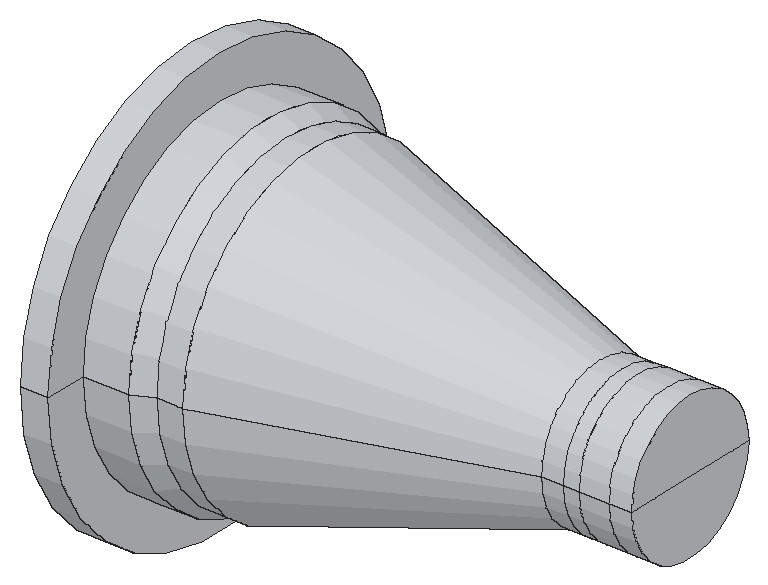
Revit family "3e7e0429f93e415f9c92ff19248af116", category Pipe Fittings, Revit 2021
Family settings
  Round Connector Dimension = Use Radius
  Part Type = Transition
  OmniClass Number = 23.60.30.11.14
  OmniClass Title = Pipework Fittings
  Work Plane-Based = No
  Always vertical = Yes
  Cut with Voids When Loaded = No
  Shared = No
Parameters (values of type "Standard")
  Visibility 2 [instance] = Nominal Diameter 2 > Nominal Diameter 1  # no
  Visibility 1 [instance] = Nominal Diameter 1 > Nominal Diameter 2  # yes
  URL = ""
  Type Comments = ""
  Tick Size 2 [instance] = if(Nominal Diameter 1 > Nominal Diameter 2, Min Tick Size 12, Max Tick Size 12)  # 2.7600"
  Tick Size 1 [instance] = if(Nominal Diameter 1 > Nominal Diameter 2, Max Tick Size 12, Min Tick Size 12)  # 6.1200"
  Min Tick Size 12 [instance] = Min Fitting Outside Diameter 12 * 0.4  # 2.7600"
  Max Tick Size 12 [instance] = Max Fitting Outside Diameter 12 * 0.4  # 6.1200"
  Socket Outside Radius 2 [instance] = Socket Outside Diameter 2 / 2  # 3.4500"
  Socket Outside Radius 1 [instance] = Socket Outside Diameter 1 / 2  # 8.0950"
  Socket Outside Diameter 2 [instance] = if(Nominal Diameter 1 > Nominal Diameter 2, Fitting Outside Diameter 2, Max Socket Outside Diameter 12)  # 6.9000"
  Socket Outside Diameter 1 [instance] = if(Nominal Diameter 1 > Nominal Diameter 2, Max Socket Outside Diameter 12, Fitting Outside Diameter 1)  # 16.1900"
  Socket Depth 2 [instance] = if(Nominal Diameter 2 < 14.0000", 2.5000", if(Nominal Diameter 2 < 30.0000", 3.5000", 4.0000"))  # 2.5000"
  Socket Depth 1 [instance] = if(Nominal Diameter 1 < 14.0000", 2.5000", if(Nominal Diameter 1 < 30.0000", 3.5000", 4.0000"))  # 3.5000"
  Min Socket Outside Diameter 12 [instance] = size_lookup(Lookup Table Name, "SOD", 1.1 * Min Nominal Diameter 12 + 0.8700", Min Nominal Diameter 12)  # 7.6000"
  Max Socket Outside Diameter 12 [instance] = size_lookup(Lookup Table Name, "SOD", 1.04 * Max Nominal Diameter 12 + 0.1300", Max Nominal Diameter 12)  # 16.1900"
  Nominal Radius 2 [instance] = 3.0000"
  Nominal Radius 1 [instance] = 7.0000"
  Nominal Diameter 2 [instance] = Nominal Radius 2 * 2  # 6.0000"
  Nominal Diameter 1 [instance] = Nominal Radius 1 * 2  # 14.0000"
  Min Nominal Diameter 12 [instance] = if(Nominal Diameter 1 > Nominal Diameter 2, Nominal Diameter 2, Nominal Diameter 1)  # 6.0000"
  Max Nominal Diameter 12 [instance] = if(Nominal Diameter 1 > Nominal Diameter 2, Nominal Diameter 1, Nominal Diameter 2)  # 14.0000"
  Manufacturer = ""
  Loss Method = K Coefficient from Table
  Lookup Table Name = "Reducer - MJ x PE - GI - Class 150"
  Length [instance] = size_lookup(Lookup Table Name, "Lgt", 2 * Max Nominal Diameter 12 + Socket Depth 1 - Socket Depth 2, Max Nominal Diameter 12, Min Nominal Diameter 12)  # 23.4900"
  K Coefficient Table = "Reducer/Coupling/Union/Increaser"
  Fitting Outside Radius 2 [instance] = Fitting Outside Diameter 2 / 2  # 3.4500"
  Fitting Outside Radius 1 [instance] = Fitting Outside Diameter 1 / 2  # 7.6500"
  Min Fitting Outside Diameter 12 [instance] = size_lookup(Lookup Table Name, "FOD", 1.04 * Min Nominal Diameter 12 + 0.7000", Min Nominal Diameter 12)  # 6.9000"
  Max Fitting Outside Diameter 12 [instance] = size_lookup(Lookup Table Name, "FOD", 1.04 * Max Nominal Diameter 12 + 0.7000", Max Nominal Diameter 12)  # 15.3000"
  built-in parameter 1114238 [instance] = (empty or 0)
  Fitting Outside Diameter 2 [instance] = if(Nominal Diameter 1 > Nominal Diameter 2, Min Fitting Outside Diameter 12, Max Fitting Outside Diameter 12)  # 6.9000"
  Fitting Outside Diameter 1 [instance] = if(Nominal Diameter 1 > Nominal Diameter 2, Max Fitting Outside Diameter 12, Min Fitting Outside Diameter 12)  # 15.3000"
  Description = ""
  Default Elevation = 0.0000"
  Bevel Length 2 [instance] = size_lookup(Lookup Table Name, "BvLgt", 0.04 * Nominal Diameter 2 + 0.4300", Nominal Diameter 2)  # 0.7000"
  Bevel Length 1 [instance] = size_lookup(Lookup Table Name, "BvLgt", 0.04 * Nominal Diameter 1 + 0.4300", Nominal Diameter 1)  # 0.8900"
  Gland Width 2 [instance] = size_lookup(Lookup Table Name, "GWid", 0.03 * Nominal Diameter 2 + 0.9400", Nominal Diameter 2)  # 1.0600"
  Gland Width 1 [instance] = size_lookup(Lookup Table Name, "GWid", 0.03 * Nominal Diameter 1 + 0.9400", Nominal Diameter 1)  # 1.3100"
  Gland Outside Radius 1 [instance] = Gland Outside Diameter 1 / 2  # 10.1250"
  Gland Outside Radius 2 [instance] = Gland Outside Diameter 2 / 2  # 3.4500"
  Max Gland Outside Diameter 12 [instance] = size_lookup(Lookup Table Name, "GOD", 1.16 * Max Nominal Diameter 12 + 4.0300", Max Nominal Diameter 12)  # 20.2500"
  Min Gland Outside Diameter 12 [instance] = size_lookup(Lookup Table Name, "GOD", 1.16 * Min Nominal Diameter 12 + 4.0300", Min Nominal Diameter 12)  # 11.1200"
  Gland Outside Diameter 2 [instance] = if(Nominal Diameter 1 > Nominal Diameter 2, Fitting Outside Diameter 2, Max Gland Outside Diameter 12)  # 6.9000"
  Gland Outside Diameter 1 [instance] = if(Nominal Diameter 1 > Nominal Diameter 2, Max Gland Outside Diameter 12, Fitting Outside Diameter 1)  # 20.2500"
  Assembly Code = ""
Reference planes (in)
  plane 1 "Center (Front/Back)": y = 0
  plane 2: z = 0
  plane 3 "Center (Left/Right)": x = 0
  plane 4 "Right": x = 23.49
  plane 5 "TK1 Top": y = 6.12
  plane 6 "TK1 Bottom": y = -6.12
  plane 7 "TK2 Top": y = 2.76
  plane 8 "TK2 Bottom": y = -2.76
  plane 9: y = 10.125
  plane 10: y = 8.095
  plane 11: x = 3.5
  plane 12: x = 4.39
  plane 13: y = 7.65
  plane 14 "SD2R": x = 20.99
  plane 15: x = 1.31
  plane 16: x = 22.43
  plane 17: x = 20.29
  plane 18: y = 3.45
  plane 19: y = 3.45
  plane 20: y = 3.45
  plane 21: x = 5.7
  plane 22: x = 19.23
Forms (in)
  Extrusion 1, solid, not visible
    sketch origin (0, 0, 0) x (0, 1, 0) y (0, 0, 1)
      loop
        circle (0, 0) r 1
    from 0 to 23.49
  Revolve 2, solid, detail levels fine
    sketch origin (0, 0, 0) x (1, 0, 0) y (0, 1, 0)
      loop
        line (1.31, 8.095) -> (1.31, 0) -> (22.43, 0) -> (22.43, 3.45) -> (20.99, 3.45) -> (20.29, 3.45) -> (19.23, 3.45) -> (5.7, 7.65) -> (4.44, 7.65) -> (3.5, 8.095) -> (1.31, 8.095)
      axis (1.31, 0) -> (22.43, 0)
    angle from 0 to 360
  Revolve 3, solid, detail levels fine
    sketch origin (0, 0, 0) x (1, 0, 0) y (0, 1, 0)
      loop
        line (0, 0) -> (1.31, 0) -> (1.31, 10.125) -> (0, 10.125) -> (0, 0)
      loop
        line (23.49, 0) -> (23.49, 3.45) -> (22.43, 3.45) -> (22.43, 0) -> (23.49, 0)
      axis (0, 0) -> (23.49, 0)
    angle from 0 to 360
Cuts and joins
  joined: Revolve 2, Revolve 3
Lines and regions (in)
  model lines, style "PipeFitting", detail levels coarse+medium
    curve 1: line (0, 0, 0) -> (0, 6.12, 0)
    curve 2: line (0, -6.12, 0) -> (0, 0, 0)
    curve 3: line (23.49, 0, 0) -> (23.49, 2.76, 0)
    curve 4: line (23.49, 0, 0) -> (23.49, -2.76, 0)
  model lines, style "PipeFitting", visible <- "Visibility 1", detail levels coarse+medium
    curve 5: line (0, 6.12, 0) -> (23.49, 0, 0)
    curve 6: line (0, -6.12, 0) -> (23.49, 0, 0)
  model lines, style "PipeFitting", visible <- "Visibility 2", detail levels coarse+medium
    curve 7: line (23.49, 2.76, 0) -> (0, 0, 0)
    curve 8: line (0, 0, 0) -> (23.49, -2.76, 0)
Dimensions and locks (in)
  "Tick Size 1": plane 5 "TK1 Top" to plane 1 "Center (Front/Back)"
  "Tick Size 1": plane 6 "TK1 Bottom" to plane 1 "Center (Front/Back)"
  "Tick Size 2": plane 7 "TK2 Top" to plane 1 "Center (Front/Back)"
  "Tick Size 2": plane 8 "TK2 Bottom" to plane 1 "Center (Front/Back)"
  "Gland Outside Radius 1": plane 9 to plane 1 "Center (Front/Back)"
  "Socket Outside Radius 1": plane 1 "Center (Front/Back)" to plane 10
  "Fitting Outside Radius 1": plane 13 to plane 1 "Center (Front/Back)"
  "Length": plane 3 "Center (Left/Right)" to plane 4 "Right"
  "Socket Depth 2": plane 14 "SD2R" to plane 4 "Right"
  "Socket Depth 1": plane 3 "Center (Left/Right)" to plane 11
  "Gland Width 1": plane 3 "Center (Left/Right)" to plane 15
  "Gland Width 2": plane 16 to plane 4 "Right"
  "Bevel Length 1": plane 11 to plane 12
  "Bevel Length 2": plane 17 to plane 14 "SD2R"
  "Fitting Outside Radius 2": plane 18 to plane 1 "Center (Front/Back)"
  "Socket Outside Radius 2": plane 19 to plane 1 "Center (Front/Back)"
  "Gland Outside Radius 2": plane 20 to plane 1 "Center (Front/Back)"
  "Gland Width 1": plane 12 to plane 21
  "Gland Width 2": plane 22 to plane 17
  radius of Extrusion 1 sketch curve = 1.0000"
  aligned and locked: plane 2 to level
  aligned and locked: plane 2 to Extrusion 1 sketch curve
  aligned and locked: plane 1 "Center (Front/Back)" to Extrusion 1 sketch curve
  aligned and locked: Extrusion 1 to plane 3 "Center (Left/Right)"
  aligned and locked: plane 4 "Right" to Extrusion 1
  aligned and locked: plane 1 "Center (Front/Back)" to curve 2
  aligned and locked: plane 3 "Center (Left/Right)" to curve 1
  aligned and locked: plane 3 "Center (Left/Right)" to curve 2
  aligned and locked: plane 5 "TK1 Top" to curve 1
  aligned and locked: plane 6 "TK1 Bottom" to curve 2
  aligned and locked: curve 3 to plane 7 "TK2 Top"
  aligned and locked: curve 4 to plane 4 "Right"
  aligned and locked: plane 1 "Center (Front/Back)" to Revolve 2 sketch curve
  aligned and locked: Revolve 2 sketch curve to plane 10
  aligned and locked: plane 11 to Revolve 2 sketch curve
  aligned and locked: plane 14 "SD2R" to Revolve 2 sketch curve
  aligned and locked: Revolve 2 sketch curve to plane 19
  aligned and locked: Revolve 2 sketch curve to Revolve 2 sketch curve
  aligned and locked: plane 18 to Revolve 2 sketch curve
  aligned and locked: plane 22 to Revolve 2 sketch curve
  aligned and locked: Revolve 2 sketch curve to plane 13
  aligned and locked: plane 21 to Revolve 2 sketch curve
  aligned and locked: Revolve 3 sketch curve to plane 15
  aligned and locked: Revolve 3 sketch curve to plane 9
  aligned and locked: Revolve 3 sketch curve to plane 20
  aligned and locked: plane 16 to Revolve 3 sketch curve
  aligned and locked: plane 4 "Right" to Revolve 3 sketch curve
  aligned and locked: Revolve 3 sketch curve to Revolve 3 sketch curve  (x2)
  aligned and locked: plane 3 "Center (Left/Right)" to Revolve 3 sketch curve
  aligned and locked: plane 15 to Revolve 2 sketch curve
  aligned and locked: plane 16 to Revolve 2 sketch curve
Automatic sketch dimensions
  plane 8 "TK2 Bottom" to curve 8 = 0.0000"
  plane 1 "Center (Front/Back)" to curve 4 = 0.0000"
  plane 1 "Center (Front/Back)" to Revolve 3 sketch curve = 0.0000"
  Revolve 3 sketch curve to plane 3 "Center (Left/Right)" = 9.7500"
  Revolve 3 sketch curve to Revolve 3 sketch curve = 7.2500"
  Revolve 2 sketch curve to plane 17 = 0.0000"
  Revolve 2 sketch curve to plane 3 "Center (Left/Right)" = 9.7500"
  Revolve 2 sketch curve to plane 12 = 0.0500"
  Revolve 2 sketch curve to Revolve 2 sketch curve = 8.3100"
Connectors (in)
  piping at (0, 0, 0), diameter 14, driven by "Nominal Radius 1"
    settings: on Extrusion 1, index 1, connector inside diameter 14.0000", connector length 0.0000", flow factor 0, pipe flow 0 GPM, pressure drop 0.00 psi, fitting loss kfactor 0, connector angle 0.00°, fixture units 0, engagement length 0.0000", angle of deflection 0.00°, flow configuration 0, flow direction 0, fitting loss method 0, system type 28, joint type 0, gender type 0, connector reference index 2, connector utility 0, adjustable connector no, is connector primary yes, connector description ""
  piping at (23.49, 0, 0), diameter 6, driven by "Nominal Radius 2"
    settings: on Extrusion 1, index 2, connector inside diameter 6.0000", connector length 0.0000", flow factor 0, pipe flow 0 GPM, pressure drop 0.00 psi, fitting loss kfactor 0, connector angle 0.00°, fixture units 0, engagement length 0.0000", angle of deflection 0.00°, flow configuration 0, flow direction 0, fitting loss method 0, system type 28, joint type 0, gender type 0, connector reference index 1, connector utility 0, adjustable connector no, is connector primary no, connector description ""
